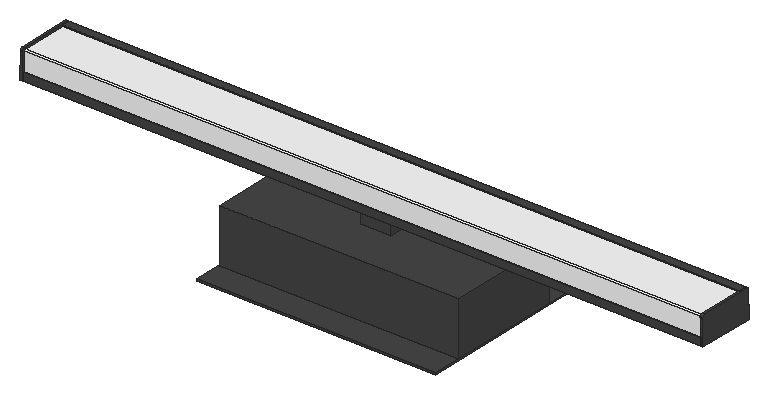
Revit family "AFX-Tonya-Led_Vanity", category Lighting Fixtures, host Face, Revit 2021 (continued)
Types (4): name | Product Documentation Link | Photometric Web File | built-in parameter 1150142 | Model | Length | Emit from Line Length | Description
  TNYV3603LAJUDBK | "https://www.afxinc.com/products/productDetail.cfm?productID=2643" | "TNYV2403LAJUDBK_3000K_IES.IES" | "IESNA:LM-63-2002\r\n[TEST] LCZP23110284\r\n[TESTLAB] LCTECH 231227103002\r\n[TESTDATE] 2023/12/29\r\n[ISSUEDATE] 2023/12/29\r\n[MANUFAC] 革星\r\n[LUMCAT] LVF-122401D-D-5\r\n[LUMINAIRE] LED灯??\r\n[LAMPCAT] \r\n[LAMP] \r\n[LumELE] 120.08 0.105 12.23 0.9709\r\nTILT=NONE\r\n1 971.71 1 37 13 1 2 .01 .6 .03\r\n1 1 12.23\r\n0.00 5.00 10.00 15.00 20.00 25.00 30.00 35.00 40.00 45.00 50.00 55.00 60.00 65.00 70.00 75.00 80.00 85.00 90.00 95.00 100.00 105.00 110.00 115.00 120.00 125.00 130.00 135.00 140.00 145.00 150.00 155.00 160.00 165.00 170.00 175.00 180.00\r\n0.00 15.00 30.00 45.00 60.00 75.00 90.00 105.00 120.00 135.00 150.00 165.00 180.00\r\n76.624 84.967 101.833 124.231 145.268 166.578 186.527 204.935 221.53 235.313 248.189 258.799 267.413 273.761 277.66 279.202 278.385 275.846 272.673 269.318 264.421 257.711 247.736 237.126 224.25 210.104 194.054 177.55 158.326 137.923 116.704 94.488 71.274\r\n 48.151 25.934 7.708 0.27\r\n76.624 84.106 100.873 120.57 142.07 161.226 180.382 197.87 213.556 227.483 239.337 249.298 256.645 262.279 265.525 266.652 265.975 263.542 260.386 257.276 252.544 245.828 237.084 226.627 213.781 200.62 185.16 168.167 149.732 130.892 110.474 89.65 67.70 \r\n44.487 24.339 7.302 0.27\r\n76.624 83.242 97.344 114.299 132.48 150.344 166.983 182.353 195.865 207.428 217.219 225.562 231.955 236.262 238.301 238.438 236.67 233.859 230.959 227.92 223.749 217.539 209.467 200.083 188.93 176.281 162.723 147.944 131.486 114.03 95.577 76.895 57.809 \r\n37.406 19.724 4.31 0.27\r\n76.624 80.117 90.341 102.963 115.54 129.541 141.275 153.048 162.74 171.361 178.204 183.312 187.313 189.22 189.618 188.418 185.71 182.289 179.08 176.68 172.857 167.789 161.432 153.61 144.994 134.685 123.881 111.66 98.957 84.555 70.959 55.85 39.584 25.189 \r\n11.887 2.216 0.27\r\n76.624 79.861 85.705 92.988 103.532 108.363 115.512 121.851 127.068 131.70 134.488 136.241 137.228 136.643 134.845 132.102 128.147 123.741 120.327 117.901 115.025 111.337 106.481 100.953 94.657 87.418 79.234 70.599 61.473 51.851 41.24 30.853 21.903 12.509\r\n 4.504 0.765 0.27\r\n76.624 78.15 79.945 81.786 83.536 84.928 85.869 86.408 86.182 85.508 83.981 81.824 78.724 74.907 70.235 65.071 59.726 54.069 50.389 48.639 46.933 44.733 42.262 39.433 36.379 32.651 28.879 24.253 20.032 16.034 12.082 8.264 4.492 1.977 0.584 0.584 0.27\r\n76.624 76.315 75.343 73.531 71.321 68.361 64.826 60.804 56.385 51.436 45.824 40.212 33.981 27.751 20.946 14.406 8.219 3.27 0.884 0.354 0.398 0.398 0.309 0.309 0.265 0.221 0.265 0.221 0.265 0.354 0.398 0.486 0.53 0.53 0.486 0.574 0.27\r\n76.624 75.188 73.571 71.55 68.767 65.533 61.986 57.405 52.869 47.705 42.271 36.432 30.145 23.991 17.166 11.057 4.138 1.124 0.718 0.719 0.718 0.584 0.494 0.449 0.314 0.225 0.09 0.045 0.045 0.089 0.09 0.179 0.224 0.404 0.359 0.494 0.27\r\n76.624 75.006 73.434 71.186 68.445 65.03 61.163 56.713 51.813 46.507 41.29 34.997 29.421 22.948 14.046 7.019 3.647 1.486 1.215 1.258 1.169 1.079 0.855 0.765 0.54 0.405 0.225 0.135 0.09 0.00 0.18 0.18 0.224 0.314 0.359 0.45 0.27\r\n76.624 73.58 71.89 69.623 66.824 63.399 59.578 55.087 50.554 45.264 39.931 34.419 26.725 17.086 11.546 7.456 3.947 1.955 1.955 1.866 1.643 1.556 1.289 1.155 1.024 0.535 0.355 0.178 0.134 0.089 0.133 0.178 0.221 0.357 0.399 0.444 0.27\r\n76.624 75.128 73.36 71.002 69.239 64.43 60.349 55.906 50.964 45.84 40.401 32.512 22.991 16.459 12.062 7.936 4.308 2.267 2.358 2.267 2.176 2.04 1.723 1.451 1.179 0.771 0.499 0.227 0.181 0.136 0.181 0.136 0.227 0.227 0.408 0.453 0.27\r\n76.624 75.001 73.153 70.765 67.655 64.004 60.082 55.62 52.465 45.659 39.259 29.748 21.004 16.722 12.17 8.068 5.634 2.659 2.659 2.659 2.434 2.209 1.983 1.623 1.217 0.901 0.496 0.361 0.18 0.18 0.225 0.27 0.225 0.27 0.361 0.451 0.27\r\n76.624 74.992 73.269 70.73 67.828 64.11 60.302 55.768 50.871 46.065 38.539 29.199 27.476 17.229 12.604 8.342 4.443 2.72 2.72 2.72 2.63 2.267 1.995 1.723 1.27 0.907 0.544 0.453 0.181 0.181 0.181 0.181 0.181 0.363 0.363 0.453 0.27\r\n" | "TNYV3603LAJUDBK" | 36" | 24" | "Led Vanity - 36\"L x 3\"H x 2 3/4\"D"
